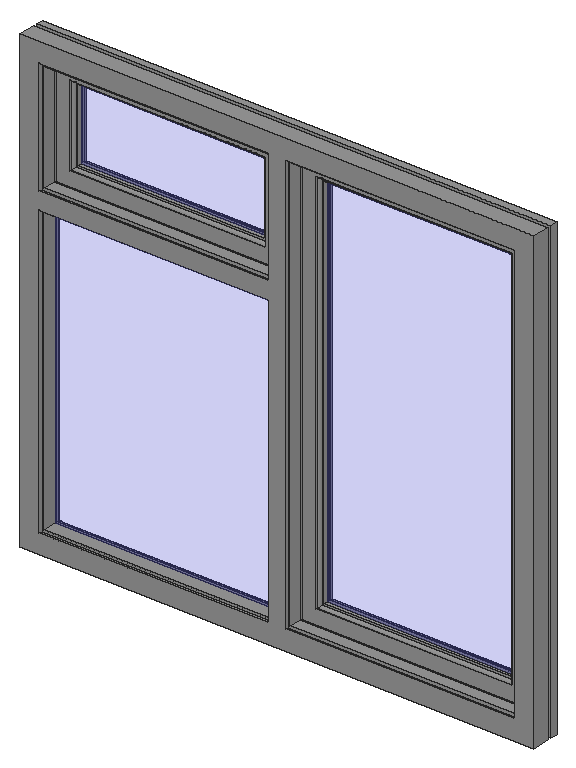
Revit family "MC2F LH", category Windows, host Wall, Revit 2015
Parameters (values of type "MC2F LH")
  Height = 929 mm
  Fanlight Height = 310 mm
  Default Lintel Height = 2100 mm
  Wall Closure = By host
  Width = 1040 mm
Reference planes
  plane 1 "Center (Front/Back)": y = 0
  plane 2 "Center (Left/Right)": x = 0
  plane 3 "Left": x = -520
  plane 4 "Right": x = 520
  plane 5 "Sill": z = 1171
  plane 6 "Head": z = 2100
  plane 7 "Exterior": y = 100
  plane 8 "Interior": y = -100
  plane 9: y = -28.5
  plane 10: y = 23.5
  plane 11: z = 1635.5
  plane 12: z = 1790
Forms (mm)
  Extrusion 1, solid, material "Lauan, Meranti"
    sketch origin (0, 0, 0) x (-1, 0, 0) y (0, -1, 0)
      loop
        line (22, 22.5) -> (17, 22.5) -> (17, 28.5) -> (-17, 28.5) -> (-17, 22.5) -> (-22, 22.5) -> (-22, -3.5) -> (-18.5, -3.5) -> (-18.5, 2.5) -> (-15.5, 2.5) -> (-15.5, -3.5) -> (-7, -3.5) -> (-7, -28.5) -> (7, -28.5) -> (7, -3.5) -> (15.5, -3.5) -> (15.5, 2.5) -> (18.5, 2.5) -> (18.5, -3.5) -> (22, -3.5) -> (22, 22.5)
    from 1200 to 2071
  Sweep 2, solid, material "Lauan, Meranti"
    path origin (-249, 100, 0) x (-1, 0, 0) y (0, 0, -1)
      loop
        line (271, -2100) -> (271, -1171) -> (-769, -1171) -> (-769, -2100) -> (271, -2100)
    profile origin (0, 100, 2100) x (0, 0, 1) y (0, -1, 0)
      loop
        line (0, 71.5) -> (0, 86.5) -> (-10, 86.5) -> (-10, 94.5) -> (0, 94.5) -> (0, 128.5) -> (-39, 128.5) -> (-39, 122.5) -> (-44, 122.5) -> (-44, 96.5) -> (-40.5, 96.5) -> (-40.5, 102.5) -> (-37.5, 102.5) -> (-37.5, 96.5) -> (-29, 96.5) -> (-29, 71.5) -> (0, 71.5)
  Extrusion 3, solid, material "Lauan, Meranti"
    sketch origin (22, 0, 0) x (0, -1, 0) y (0, 0, -1)
      loop
        line (28.5, -1795) -> (22.5, -1795) -> (22.5, -1790) -> (-3.5, -1790) -> (-3.5, -1793.5) -> (2.5, -1793.5) -> (2.5, -1796.5) -> (-3.5, -1796.5) -> (-3.5, -1805) -> (-28.5, -1805) -> (-28.5, -1819) -> (-3.5, -1819) -> (-3.5, -1827.5) -> (2.5, -1827.5) -> (2.5, -1830.5) -> (-3.5, -1830.5) -> (-3.5, -1834) -> (22.5, -1834) -> (22.5, -1829) -> (28.5, -1829) -> (28.5, -1795)
    from -513 to -29
  Sweep 4, solid, material "Rubber"
    path origin (10500, 23.5, 2100) x (0, 0, -1) y (-1, 0, 0)
      loop
        line (37.5, 10982.5) -> (37.5, 10515.5) -> (272.5, 10515.5) -> (272.5, 10982.5) -> (37.5, 10982.5)
    profile origin (-249, 23.5, 2062.5) x (0, 0, -1) y (0, 1, 0)
      loop
        line (-3.5, -20) -> (0.5, -20) -> (0.5, -22.43) -> (-0.5, -22.43) -> (0.5, -22.698) -> (0.5, -24.464) -> (-0.5, -24.464) -> (1.5, -25) -> (3.5, -24.464) -> (2.5, -24.464) -> (2.5, -22.698) -> (3.5, -22.43) -> (2.5, -22.43) -> (2.5, -20) -> (6.5, -20) -> (6.5, -17) -> (1.5, -15) -> (-3.5, -17) -> (-3.5, -20)
  Sweep 5, solid, material "Rubber"
    path origin (10500, 23.5, 2100) x (0, 0, -1) y (-1, 0, 0)
      loop
        line (37.5, 10484.5) -> (37.5, 10017.5) -> (891.5, 10017.5) -> (891.5, 10484.5) -> (37.5, 10484.5)
    profile origin (249, 23.5, 2062.5) x (0, 0, -1) y (0, 1, 0)
      loop
        line (-3.5, -17) -> (-3.5, -20) -> (0.5, -20) -> (0.5, -22.43) -> (-0.5, -22.43) -> (0.5, -22.698) -> (0.5, -24.464) -> (-0.5, -24.464) -> (1.5, -25) -> (3.5, -24.464) -> (2.5, -24.464) -> (2.5, -22.698) -> (3.5, -22.43) -> (2.5, -22.43) -> (2.5, -20) -> (6.5, -20) -> (6.5, -17) -> (1.5, -15) -> (-3.5, -17)
  Sweep 6, solid, material "Lauan, Meranti"
    path origin (10500, 23.5, 2100) x (0, 0, -1) y (-1, 0, 0)
      loop
        line (29, 10991) -> (29, 10507) -> (281, 10507) -> (281, 10991) -> (29, 10991)
    profile origin (-249, 23.5, 2071) x (0, 0, -1) y (0, 1, 0)
      loop
        arc (1, 25) -> (-3.242, 23.243) -> (-5, 19) r 6
        line (-5, 19) -> (-5, 5) -> (12, 5) -> (12, -2) -> (14, -2.536) -> (14, -7.464) -> (12, -8) -> (12, -13) -> (10, -13) -> (10, -17) -> (43, -17) -> (43, -14)
        arc (43, -14) -> (47.243, -12.243) -> (49, -8) r 6
        line (49, -8) -> (52, -8) -> (52, 0) -> (43, 0) -> (43, 25) -> (1, 25)
  Sweep 7, solid, material "Lauan, Meranti"
    path origin (10500, 23.5, 2100) x (0, 0, -1) y (-1, 0, 0)
      loop
        line (29, 10493) -> (29, 10009) -> (900, 10009) -> (900, 10493) -> (29, 10493)
    profile origin (249, 23.5, 2071) x (0, 0, -1) y (0, 1, 0)
      loop
        arc (1, 25) -> (-3.242, 23.243) -> (-5, 19) r 6
        line (-5, 19) -> (-5, 5) -> (12, 5) -> (12, -2) -> (14, -2.536) -> (14, -7.464) -> (12, -8) -> (12, -13) -> (10, -13) -> (10, -17) -> (43, -17) -> (43, -14)
        arc (43, -14) -> (47.243, -12.243) -> (49, -8) r 6
        line (49, -8) -> (52, -8) -> (52, 0) -> (43, 0) -> (43, 25) -> (1, 25)
  Extrusion 8, solid, material "Glass"
    sketch origin (10500, 23.5, 2100) x (0, 0, -1) y (-1, 0, 0)
      loop
        line (72, 10948) -> (72, 10550.012) -> (237.987, 10550.012) -> (237.987, 10948) -> (72, 10948)
      loop
        line (72.013, 10449.988) -> (72.013, 10052) -> (857, 10052) -> (857, 10449.988) -> (72.013, 10449.988)
    from 0 to 6.4
  Extrusion 9, solid, material "Glass"
    sketch origin (10500, 3.5, 2100) x (0, 0, -1) y (-1, 0, 0)
      loop
        line (295, 10991) -> (295, 10507) -> (900, 10507) -> (900, 10991) -> (295, 10991)
    from 0 to 6.4
  Sweep 10, solid, material "Lauan, Meranti"
    path origin (10500, 23.5, 2100) x (0, 0, -1) y (-1, 0, 0)
      loop
        line (72, 10948) -> (72, 10550) -> (238, 10550) -> (238, 10948) -> (72, 10948)
    profile origin (-249, 23.5, 2028) x (0, 0, -1) y (0, 1, 0)
      loop
        line (0, 14.4) -> (0, 6.4) -> (9.011, 6.4) -> (9.011, 8.4) -> (7.011, 8.4)
        arc (7.011, 8.4) -> (4.677, 12.769) -> (0, 14.4) r 6.807
  Sweep 11, solid, material "Lauan, Meranti"
    path origin (10500, 23.5, 2100) x (0, 0, -1) y (-1, 0, 0)
      loop
        line (72, 10450) -> (72, 10052.012) -> (856.987, 10052.012) -> (856.987, 10450) -> (72, 10450)
    profile origin (248.994, 23.5, 2028) x (0, 0, -1) y (0, 1, 0)
      loop
        line (0, 14.4) -> (0, 6.4) -> (9.011, 6.4) -> (9.011, 8.4) -> (7.011, 8.4)
        arc (7.011, 8.4) -> (4.677, 12.769) -> (0, 14.4) r 6.807
  Sweep 12, solid, material "Lauan, Meranti"
    path origin (10500, 23.5, 2100) x (0, 0, -1) y (-1, 0, 0)
      loop
        line (295, 10991) -> (295, 10507) -> (900, 10507) -> (900, 10991) -> (295, 10991)
    profile origin (-249, 23.5, 1805) x (0, 0, -1) y (0, 1, 0)
      loop
        line (3, 1.4) -> (0, 1.4) -> (0, -13.6) -> (15, -13.6) -> (15, -8.6) -> (13, -8.6)
        arc (13, -8.6) -> (10.071, -1.529) -> (3, 1.4) r 10
Cuts and joins
  joined: Extrusion 1, Sweep 2, Extrusion 3
Lines and regions (mm)
  Opening 1
    outline origin (-5000, -100, 0) x (1, 0, 0) y (0, 0, 1)
      loop
        line (4480, 1171) -> (5520, 1171) -> (5520, 2100) -> (4480, 2100) -> (4480, 1171)
  model lines
    curve 1: line (-496.08, 48.5, 2076.082) -> (-249.08, 48.5, 1814.082)
    curve 2: line (-249.08, 48.5, 1814.082) -> (-2.08, 48.5, 2076.082)
    curve 3: line (2, 48.5, 1635.5) -> (496.082, 48.5, 2076.08)
    curve 4: line (2, 48.5, 1635.5) -> (496, 48.5, 1195)
Text (mm)
  text "EXTERIOR" at (-1963.203, 1332.353, 0), in view "Ref. Level"
  text "INTERIOR" at (-1981.466, -818.386, 0), in view "Ref. Level"
  text "Exterior" at (0, 923.751, 2943.296), in view "Right"
  text "Exterior" at (0, 1040.484, 2685.409), in view "Left"
Dimensions and locks
  equal spacing: plane 3 "Left", plane 2 "Center (Left/Right)", plane 4 "Right"
  "Width": plane 3 "Left" to plane 4 "Right"
  "Height": plane 5 "Sill" to plane 6 "Head"
  "Default Lintel Height": plane 6 "Head" to level
  locked: plane 7 "Exterior" to host wall at 0
  locked: plane 8 "Interior" to host wall
  locked: plane 10 to plane 9 at 52
  equal spacing: plane 5 "Sill", plane 11, plane 6 "Head"
  "Fanlight Height": plane 12 to plane 6 "Head"
  aligned and locked: Sweep 2 to Extrusion 1  (x2)
  aligned and locked: Extrusion 3 to Sweep 4 sketch curve
  aligned and locked: Extrusion 3 to Sweep 6 sketch curve
  aligned and locked: Sweep 6 sketch curve to Extrusion 3
  aligned and locked: Sweep 6 to Extrusion 8 sketch curve
  aligned and locked: Extrusion 8 sketch curve to Sweep 6  (x3)
  aligned and locked: Extrusion 8 sketch curve to Sweep 7  (x3)
  aligned and locked: Sweep 7 to Extrusion 8 sketch curve
  aligned and locked: Sweep 6 to Sweep 10 sketch curve  (x2)
  aligned and locked: Sweep 10 sketch curve to Sweep 6  (x2)
  aligned and locked: Sweep 7 to Sweep 11 sketch curve
  aligned and locked: Sweep 11 sketch curve to Sweep 7  (x3)
  aligned and locked: Extrusion 3 to Sweep 12 sketch curve
  aligned and locked: Sweep 12 sketch curve to Extrusion 9
Automatic sketch dimensions
  curve 4 to plane 11 = 0 mm
  plane 12 to curve 2 = 24.082 mm
  plane 2 "Center (Left/Right)" to curve 2 = 249.08 mm
  curve 4 to plane 2 "Center (Left/Right)" = 2 mm
  curve 1 to plane 3 "Left" = 23.92 mm
  plane 2 "Center (Left/Right)" to curve 2 = 2.08 mm
  plane 4 "Right" to curve 4 = 24 mm
  plane 4 "Right" to curve 3 = 23.918 mm
  curve 4 to plane 5 "Sill" = 24 mm
  plane 6 "Head" to curve 3 = 23.92 mm
  plane 6 "Head" to curve 2 = 23.918 mm
  plane 6 "Head" to curve 1 = 23.918 mm
  plane 3 "Left" to Opening 1 sketch curve = 0 mm
  plane 4 "Right" to Opening 1 sketch curve = 0 mm
  Opening 1 sketch curve to plane 5 "Sill" = 0 mm
  Opening 1 sketch curve to plane 6 "Head" = 0 mm
  Extrusion 1 sketch curve to plane 9 = 0 mm
  Extrusion 1 sketch curve to host wall = 3.5 mm  (x3)
  Extrusion 1 sketch curve to plane 2 "Center (Left/Right)" = 22 mm
  host wall to Extrusion 1 sketch curve = 2.5 mm  (x2)
  Extrusion 1 sketch curve to Extrusion 1 sketch curve = 3.5 mm  (x2)
  Extrusion 1 sketch curve to Extrusion 1 sketch curve = 5 mm
  Extrusion 1 sketch curve to Extrusion 1 sketch curve = 3 mm  (x2)
  Extrusion 1 sketch curve to plane 2 "Center (Left/Right)" = 7 mm
  plane 2 "Center (Left/Right)" to Extrusion 1 sketch curve = 7 mm
  Extrusion 1 sketch curve to Extrusion 1 sketch curve = 8.5 mm
  plane 2 "Center (Left/Right)" to Extrusion 1 sketch curve = 17 mm
  Extrusion 1 sketch curve to Extrusion 1 sketch curve = 0 mm
  plane 10 to Extrusion 1 sketch curve = 5 mm
  plane 9 to Extrusion 1 sketch curve = 6 mm  (x2)
  plane 4 "Right" to Sweep 2 sketch curve = 0 mm
  plane 3 "Left" to Sweep 2 sketch curve = 0 mm
  Sweep 2 sketch curve to plane 6 "Head" = 0 mm
  Sweep 2 sketch curve to plane 5 "Sill" = 0 mm
  profile plane to Sweep 2 sketch curve = 0 mm  (x2)
  profile plane to Sweep 2 sketch curve = 10 mm
  Sweep 2 sketch curve to Sweep 2 sketch curve = 19 mm
  Sweep 2 sketch curve to Sweep 2 sketch curve = 8.5 mm
  Sweep 2 sketch curve to Sweep 2 sketch curve = 1.5 mm
  Sweep 2 sketch curve to Sweep 2 sketch curve = 3 mm
  Sweep 2 sketch curve to Sweep 2 sketch curve = 5 mm
  profile plane to Sweep 2 sketch curve = 71.5 mm
  Sweep 2 sketch curve to Sweep 2 sketch curve = 15 mm
  Sweep 2 sketch curve to Sweep 2 sketch curve = 8 mm
  Sweep 2 sketch curve to Sweep 2 sketch curve = 25 mm
  Sweep 2 sketch curve to Sweep 2 sketch curve = 0 mm
  Sweep 2 sketch curve to Sweep 2 sketch curve = 6 mm
  Sweep 2 sketch curve to Sweep 2 sketch curve = 20 mm
  Sweep 2 sketch curve to Sweep 2 sketch curve = 34 mm
  Extrusion 3 sketch curve to plane 12 = 0 mm
  Extrusion 3 sketch curve to plane 9 = 0 mm
  plane 9 to Extrusion 3 sketch curve = 6 mm  (x2)
  host wall to Extrusion 3 sketch curve = 2.5 mm  (x2)
  Extrusion 3 sketch curve to host wall = 3.5 mm  (x3)
  Extrusion 3 sketch curve to Extrusion 3 sketch curve = 0 mm
  plane 10 to Extrusion 3 sketch curve = 5 mm
  plane 12 to Extrusion 3 sketch curve = 3.5 mm
  plane 12 to Extrusion 3 sketch curve = 5 mm
  Extrusion 3 sketch curve to Extrusion 3 sketch curve = 3 mm  (x2)
  Extrusion 3 sketch curve to Extrusion 3 sketch curve = 8.5 mm  (x2)
  Extrusion 3 sketch curve to Extrusion 3 sketch curve = 14 mm
  Extrusion 3 sketch curve to Extrusion 3 sketch curve = 1.5 mm
  Extrusion 3 sketch curve to Extrusion 3 sketch curve = 5 mm
  plane 6 "Head" to Sweep 4 sketch curve = 37.5 mm
  plane 2 "Center (Left/Right)" to Sweep 4 sketch curve = 15.5 mm
  Sweep 4 sketch curve to plane 3 "Left" = 37.5 mm
  profile plane to Sweep 4 sketch curve = 3.5 mm
  profile plane to Sweep 4 sketch curve = 0.5 mm  (x2)
  Sweep 4 sketch curve to profile plane = 0.5 mm
  Sweep 4 sketch curve to Sweep 4 sketch curve = 0 mm
  Sweep 4 sketch curve to profile plane = 1.5 mm
  Sweep 4 sketch curve to Sweep 4 sketch curve = 1 mm  (x3)
  Sweep 4 sketch curve to Sweep 4 sketch curve = 2 mm  (x2)
  Sweep 4 sketch curve to Sweep 4 sketch curve = 3 mm  (x3)
  Sweep 4 sketch curve to profile plane = 25 mm
  Sweep 4 sketch curve to Sweep 4 sketch curve = 0.536 mm  (x2)
  Sweep 4 sketch curve to Sweep 4 sketch curve = 1.766 mm  (x2)
  Sweep 4 sketch curve to Sweep 4 sketch curve = 0.268 mm  (x2)
  Sweep 4 sketch curve to Sweep 4 sketch curve = 2.43 mm  (x2)
  Sweep 4 sketch curve to Sweep 4 sketch curve = 5 mm
  plane 6 "Head" to Sweep 5 sketch curve = 37.5 mm
  Sweep 5 sketch curve to plane 2 "Center (Left/Right)" = 15.5 mm
  Sweep 5 sketch curve to plane 5 "Sill" = 37.5 mm
  plane 4 "Right" to Sweep 5 sketch curve = 37.5 mm
  profile plane to Sweep 5 sketch curve = 3.5 mm
  profile plane to Sweep 5 sketch curve = 0.5 mm  (x2)
  Sweep 5 sketch curve to profile plane = 0.5 mm  (x2)
  Sweep 5 sketch curve to Sweep 5 sketch curve = 1 mm  (x4)
  Sweep 5 sketch curve to profile plane = 1.5 mm
  Sweep 5 sketch curve to Sweep 5 sketch curve = 2 mm
  Sweep 5 sketch curve to Sweep 5 sketch curve = 3 mm  (x3)
  Sweep 5 sketch curve to profile plane = 25 mm
  Sweep 5 sketch curve to Sweep 5 sketch curve = 0.536 mm  (x2)
  Sweep 5 sketch curve to Sweep 5 sketch curve = 1.766 mm  (x2)
  Sweep 5 sketch curve to Sweep 5 sketch curve = 0.268 mm  (x2)
  Sweep 5 sketch curve to Sweep 5 sketch curve = 2.43 mm
  Sweep 5 sketch curve to Sweep 5 sketch curve = 0 mm
  Sweep 5 sketch curve to Sweep 5 sketch curve = 5 mm
  plane 6 "Head" to Sweep 6 sketch curve = 29 mm
  Sweep 6 sketch curve to plane 3 "Left" = 29 mm
  Sweep 6 sketch curve to profile plane = 0 mm
  profile plane to Sweep 6 sketch curve = 5 mm  (x2)
  Sweep 6 sketch curve to profile plane = 1 mm
  Sweep 6 sketch curve to profile plane = 10 mm
  Sweep 6 sketch curve to profile plane = 2 mm
  Sweep 6 sketch curve to Sweep 6 sketch curve = 2 mm  (x3)
  Sweep 6 sketch curve to Sweep 6 sketch curve = 29 mm
  Sweep 6 sketch curve to Sweep 6 sketch curve = 0 mm
  Sweep 6 sketch curve to Sweep 6 sketch curve = 6 mm
  Sweep 6 sketch curve to Sweep 6 sketch curve = 3 mm  (x2)
  Sweep 6 sketch curve to Sweep 6 sketch curve = 0.536 mm  (x2)
  Sweep 6 sketch curve to Sweep 6 sketch curve = 4.928 mm
  Sweep 6 sketch curve to Sweep 6 sketch curve = 8 mm
  Sweep 6 sketch curve to Sweep 6 sketch curve = 5 mm
  Sweep 6 sketch curve to Sweep 6 sketch curve = 14 mm
  plane 6 "Head" to Sweep 7 sketch curve = 29 mm
  Sweep 7 sketch curve to plane 2 "Center (Left/Right)" = 7 mm
  Sweep 7 sketch curve to plane 5 "Sill" = 29 mm
  plane 4 "Right" to Sweep 7 sketch curve = 29 mm
  Sweep 7 sketch curve to profile plane = 0 mm
  profile plane to Sweep 7 sketch curve = 5 mm  (x2)
  Sweep 7 sketch curve to profile plane = 1 mm
  Sweep 7 sketch curve to profile plane = 10 mm
  Sweep 7 sketch curve to profile plane = 2 mm
  Sweep 7 sketch curve to Sweep 7 sketch curve = 2 mm  (x3)
  Sweep 7 sketch curve to profile plane = 8 mm
  Sweep 7 sketch curve to Sweep 7 sketch curve = 29 mm
  Sweep 7 sketch curve to Sweep 7 sketch curve = 0 mm
  Sweep 7 sketch curve to Sweep 7 sketch curve = 6 mm
  Sweep 7 sketch curve to Sweep 7 sketch curve = 3 mm
  Sweep 7 sketch curve to Sweep 7 sketch curve = 15 mm
  Sweep 7 sketch curve to Sweep 7 sketch curve = 4 mm
  Sweep 7 sketch curve to Sweep 7 sketch curve = 5 mm
  Sweep 7 sketch curve to Sweep 7 sketch curve = 0.536 mm  (x2)
  Sweep 7 sketch curve to Sweep 7 sketch curve = 14 mm
  plane 2 "Center (Left/Right)" to Extrusion 9 sketch curve = 7 mm
  plane 12 to Extrusion 9 sketch curve = 15 mm
  Extrusion 9 sketch curve to plane 5 "Sill" = 29 mm
  Extrusion 9 sketch curve to plane 3 "Left" = 29 mm
  Sweep 10 sketch curve to profile plane = 0 mm
  Sweep 10 sketch curve to profile plane = 0.252 mm
  Sweep 10 sketch curve to Sweep 10 sketch curve = 6.759 mm
  Sweep 10 sketch curve to Sweep 10 sketch curve = 2 mm  (x2)
  profile plane to Sweep 10 sketch curve = 6.4 mm
  Sweep 10 sketch curve to Sweep 10 sketch curve = 1.197 mm
  Sweep 11 sketch curve to profile plane = 0 mm
  Sweep 11 sketch curve to profile plane = 0.252 mm
  Sweep 11 sketch curve to Sweep 11 sketch curve = 6.759 mm
  Sweep 11 sketch curve to Sweep 11 sketch curve = 2 mm  (x2)
  profile plane to Sweep 11 sketch curve = 6.4 mm
  Sweep 11 sketch curve to Sweep 11 sketch curve = 1.197 mm
  Sweep 12 sketch curve to plane 5 "Sill" = 29 mm
  plane 2 "Center (Left/Right)" to Sweep 12 sketch curve = 7 mm
  Sweep 12 sketch curve to profile plane = 0 mm
  profile plane to Sweep 12 sketch curve = 1.4 mm
  Sweep 12 sketch curve to profile plane = 3 mm
  Sweep 12 sketch curve to profile plane = 8.6 mm
  Sweep 12 sketch curve to Sweep 12 sketch curve = 2 mm
  Sweep 12 sketch curve to Sweep 12 sketch curve = 5 mm
